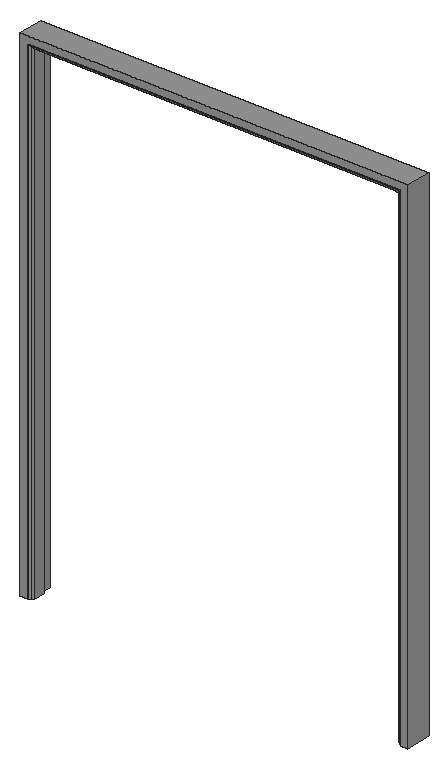
Revit family "DF1530H (1606x2090mm)", category Doors, host Wall, Revit 2013
Parameters (values of type "DF1530H (1606x2090mm)")
  Function = Interior
  Frame Projection Ext. = 25 mm
  Frame Projection Int. = 25 mm
  Frame Width = 75 mm
  Height = 2090 mm
  Wall Closure = By host
  Width = 1606 mm
Reference planes
  plane 1: y = 0
  plane 2 "Center (Left/Right)": x = 0
  plane 3 "Left": x = -803
  plane 4 "Right": x = 803
  plane 5: z = 2090
  plane 6 "Exterior": y = 75
  plane 7 "Interior": y = -75
Forms (mm)
  Sweep 1, solid, material "Lauan, Meranti"
    path origin (0, 75, 0) x (1, 0, 0) y (0, 0, 1)
      loop
        line (803, 0) -> (803, 2090) -> (-803, 2090) -> (-803, 0)
    profile "Van Acht 105x50 Door Frame Routed Profile (Heavy) : Van Acht 105x50 Door Frame Routed Profile (Heavy)" origin (803, 75, 1045) x (-1, 0, 0) y (0, -1, 0)
      loop
        line (0, 22.5) -> (38, 22.5) -> (38, 67.5) -> (50, 67.5) -> (50, 112.5)
        arc (50, 112.5) -> (44.957, 114.29) -> (42.17, 118.859) r 8
        line (42.17, 118.859) -> (39, 118.859)
        arc (39, 118.859) -> (35.311, 122.973) -> (30, 124.5) r 10
        line (30, 124.5) -> (30, 127.5) -> (0, 127.5) -> (0, 22.5)
Lines and regions (mm)
  Opening 1
    outline origin (-3050, -75, 0) x (1, 0, 0) y (0, 0, 1)
      loop
        line (2247, 0) -> (3853, 0) -> (3853, 2090) -> (2247, 2090) -> (2247, 0)
  symbolic lines, style "Elevation Swing"
    curve 1: line (0, -75, 1045) -> (-803, -75, 2090)
    curve 2: line (0, -75, 1045) -> (-803, -75, 0)
    curve 3: line (0, -75, 1045) -> (803, -75, 2090)
    curve 4: line (0, -75, 1045) -> (803, -75, 0)
  model lines
    curve 5: line (-765, 52.5, 0) -> (-765, 817.5, 0)
    curve 6: arc (-765, 817.5, 0) -> (-224.063, 593.437, 0) -> (0, 52.5, 0) r 765
    curve 7: line (765, 52.5, 0) -> (765, 817.5, 0)
    curve 8: arc (765, 817.5, 0) -> (224.063, 593.437, 0) -> (0, 52.5, 0) r 765
Text (mm)
  text "Exterior" at (-2295.016, 1099.543, 0), in view "Ref. Level"
  text "Exterior" at (0, 1615.38, 3698.081), in view "Left"
  text "Exterior" at (0, 1036.032, 3874.932), in view "Right"
Dimensions and locks
  equal spacing: plane 3 "Left", plane 2 "Center (Left/Right)", plane 4 "Right"
  "Width": plane 3 "Left" to plane 4 "Right"
  "Height": plane 5 to host wall
  equal spacing: host wall, curve 2, plane 5
  host wall to plane 5 = 2090 mm
  locked: plane 6 "Exterior" to host wall at 0
  locked: plane 7 "Interior" to host wall
  aligned and locked: plane 3 "Left" to Opening 1 sketch curve
  aligned and locked: plane 5 to Opening 1 sketch curve  (x2)
  aligned and locked: Opening 1 sketch curve to plane 4 "Right"
  aligned and locked: Opening 1 sketch curve to level
  aligned and locked: plane 5 to curve 1
  aligned and locked: plane 3 "Left" to curve 2
  aligned and locked: plane 1 to host wall
  aligned and locked: plane 3 "Left" to curve 1
Automatic sketch dimensions
  plane 4 "Right" to Sweep 1 sketch curve = 0 mm
  Sweep 1 sketch curve to plane 5 = 0 mm
  plane 3 "Left" to Sweep 1 sketch curve = 0 mm
  Sweep 1 sketch curve to level = 0 mm  (x2)
  curve 2 to level = 0 mm
  plane 4 "Right" to curve 2 = 803 mm
  curve 4 to plane 2 "Center (Left/Right)" = 0 mm
  level to curve 4 = 1045 mm
  curve 4 to level = 0 mm
  plane 4 "Right" to curve 4 = 0 mm
  plane 4 "Right" to curve 3 = 0 mm
  curve 3 to plane 5 = 0 mm
  curve 5 to plane 3 "Left" = 38 mm
  host wall to curve 5 = 742.5 mm
  curve 8 to plane 2 "Center (Left/Right)" = 0 mm
  curve 6 to plane 2 "Center (Left/Right)" = 0 mm
  plane 4 "Right" to curve 7 = 38 mm
  host wall to curve 7 = 742.5 mm
  curve 7 to curve 8 = 0 mm
  curve 5 to curve 6 = 0 mm
